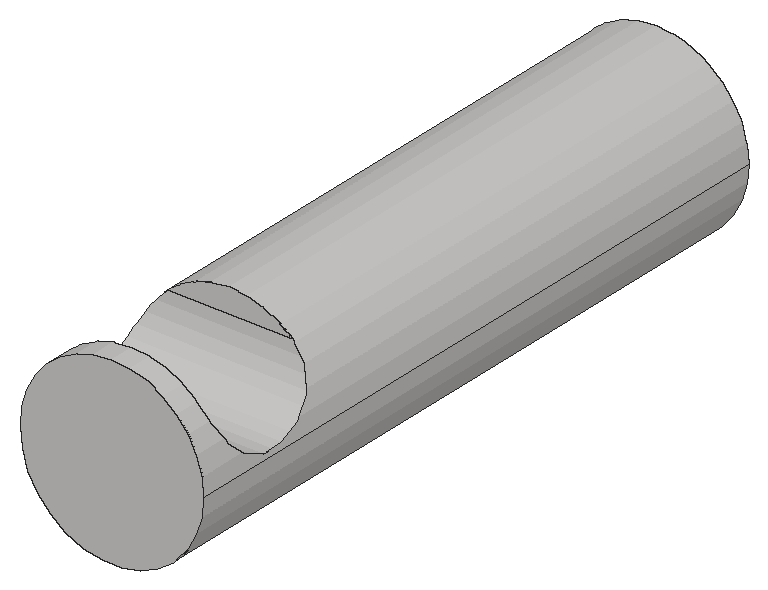
Revit family "T18", category Generic Models, Revit 2021
Family settings
  Can host rebar = No
  Round Connector Dimension = Use Diameter
  Part Type = Normal
  Work Plane-Based = No
  Always vertical = Yes
  Cut with Voids When Loaded = No
  Shared = No
  Room Calculation Point = No
Parameters (values of type "Standard")
  e-mail = "info@vola.com"
  URL = "http://vola.com"
  Telephone = "+45 7023 5500"
  Quality management standard = "ISO 9001"
  Organisation no. / DUNS no. = "17531328"
  Occupational health and safety management standard = "ISO 18001"
  Mounting Instructions = "http://vola.com/service/producturl.ashx?name=T18"
  Model = "T18"
  Materials and components information = "http://vola.com/service/producturl.ashx?name=T18"
  Manufacturer = "VOLA A/S"
  Maintenance Instructions = "http://vola.com/service/producturl.ashx?name=T18"
  Guarantee = "2 years"
  Environmental management standard = "ISO 14000"
  Default Elevation = 0.00 mm
  Connection - All relevant connections = ""
  Approvals = "http://vola.com/service/producturl.ashx?name=T18"
Reference planes
  plane 1 "Center (Front/Back)": y = 0
  plane 2: z = 0
  plane 3 "Center (Left/Right)": x = 0
Forms (mm)
  Extrusion 1, solid, material "Stainless Steel"
    sketch origin (0, 0, 0) x (1, 0, 0) y (0, 0, 1)
      loop
        circle (0, 0) r 7.5
    from 0 to 55.5
  Extrusion 2, void
    sketch origin (0, -27.5, 0) x (0, 1, 0) y (0, 0, -1)
      loop
        arc (-16, -5.5) -> (-21, -0.5) -> (-26, -5.5) r 5
        line (-26, -5.5) -> (-26, -10.5) -> (-16, -10.5) -> (-16, -5.5)
    from -13 to 13
Cuts and joins
  Extrusion 2 cuts Extrusion 1
Dimensions and locks
  aligned and locked: plane 2 to level
